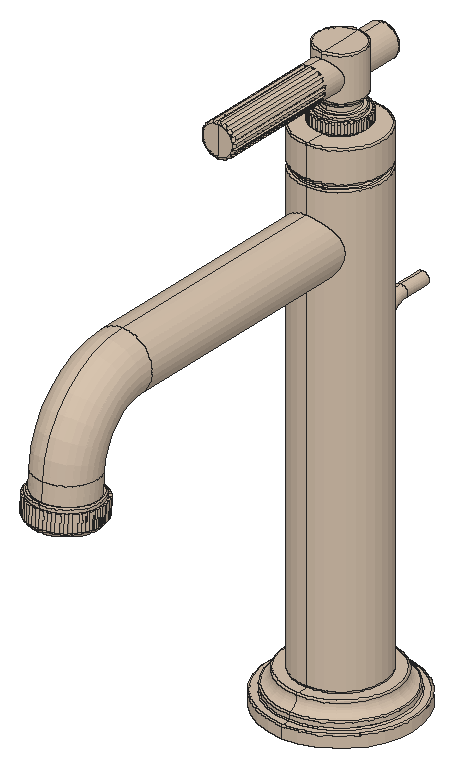
Revit family "Faucet-Lavatory-KALLISTA-CENTRAL_PARK_WEST-P26622_", category Plumbing Fixtures, host Face, Revit 2022 (continued)
Definition of nested family "P26622"
  Lines and regions (in)
    symbolic lines, detail levels medium+fine
      curve 634: arc (0.54978, 0, 5.69743) -> (0.53794, 0, 5.71806) -> (0.51605, 0, 5.72736) r 0.03735
      curve 635: arc (0.55051, 0, 5.65683) -> (0.56638, 0, 5.65518) -> (0.58224, 0, 5.65348) r 5.39186
      curve 636: arc (0.55017, 0, 5.3813) -> (0.56406, 0, 5.37999) -> (0.57795, 0, 5.37865) r 5.93545
      curve 637: arc (-0.54866, 0, 5.38129) -> (0.00075, 0, 5.40678) -> (0.55017, 0, 5.3813) r 5.93545
      curve 638: arc (0.53533, 0, 5.41538) -> (0.542, 0, 5.41512) -> (0.54866, 0, 5.41462) r 0.18339
      curve 639: arc (0.54866, 0, 5.41462) -> (0.5548, 0, 5.41394) -> (0.56091, 0, 5.41305) r 0.18339
      curve 640: arc (0.13127, 0, 5.31406) -> (0.16668, 0, 5.31583) -> (0.20207, 0, 5.318) r 3.11063
      curve 641: arc (0.20207, 0, 5.318) -> (0.31172, 0, 5.32731) -> (0.42097, 0, 5.3405) r 3.11063
      curve 642: spline (0.20193, 0, 5.35165) -> (0.19619, 0, 5.3518) -> (0.19042, 0, 5.35194) -> (0.18462, 0, 5.35208) -> (0.17879, 0, 5.35222) -> (0.17293, 0, 5.35235) -> (0.16705, 0, 5.35248) -> (0.16115, 0, 5.3526) -> (0.15522, 0, 5.35272) -> (0.14926, 0, 5.35284) -> (0.14328, 0, 5.35295) -> (0.13729, 0, 5.35305) -> (0.13127, 0, 5.35315)
      curve 643: spline (0.13127, 0, 5.35315) -> (0.10977, 0, 5.35347) -> (0.08807, 0, 5.35374) -> (0.0662, 0, 5.35394) -> (0.0442, 0, 5.35409) -> (0.02212, 0, 5.35418) -> (0, 0, 5.35421) -> (-0.02212, 0, 5.35418) -> (-0.04421, 0, 5.35409) -> (-0.0662, 0, 5.35394) -> (-0.08807, 0, 5.35374) -> (-0.10978, 0, 5.35347) -> (-0.13127, 0, 5.35315)
      curve 644: spline (0.42097, 0, 5.3405) -> (0.4071, 0, 5.3417) -> (0.39231, 0, 5.34286) -> (0.37663, 0, 5.34397) -> (0.3601, 0, 5.34504) -> (0.34275, 0, 5.34606) -> (0.32462, 0, 5.34703) -> (0.30575, 0, 5.34795) -> (0.28619, 0, 5.34881) -> (0.26598, 0, 5.34961) -> (0.24517, 0, 5.35035) -> (0.2238, 0, 5.35103) -> (0.20193, 0, 5.35165)
      curve 645: spline (-0.42841, 0, 5.3398) -> (-0.49571, 0, 5.32962) -> (-0.50025, 0, 5.31865) -> (-0.44148, 0, 5.30828) -> (-0.32683, 0, 5.29982) -> (-0.1708, 0, 5.29434) -> (0.00684, 0, 5.29253) -> (0.18362, 0, 5.29463) -> (0.33716, 0, 5.30037) -> (0.44801, 0, 5.30901) -> (0.50217, 0, 5.31948) -> (0.49275, 0, 5.33043) -> (0.42097, 0, 5.3405)
  Dimensions and locks (in)
    plane 30 to plane 13 = 0.55906"
    aligned and locked: plane 2 to level
Types (7): name | Type | Model | Finish
  (no name) | 1 | "P26622-00-BAF" | Kallista-Metal-BAF-Brushed_French_Gold
  BAF-Brushed French Gold | 1 | "P26622-00-BAF" | Kallista-Metal-BAF-Brushed_French_Gold
  BV-Brushed Bronze | 3 | "P26622-00-BV" | Kallista-Metal-BV-Brushed_Bronze
  BN-Brushed Nickel | 2 | "P26622-00-BN" | Kallista-Metal-BN-Brushed_Nickel
  CP-Chrome | 4 | "P26622-00-CP" | Kallista-Metal-CP-Chrome
  SN-Polished Nickel | 5 | "P26622-00-SN" | Kallista-Metal-SN-Polished_Nickel
  ULB-Unlaquered Brass | 6 | "P26622-00-ULB" | Kallista-Metal-ULB-Unlaquered_Brass
